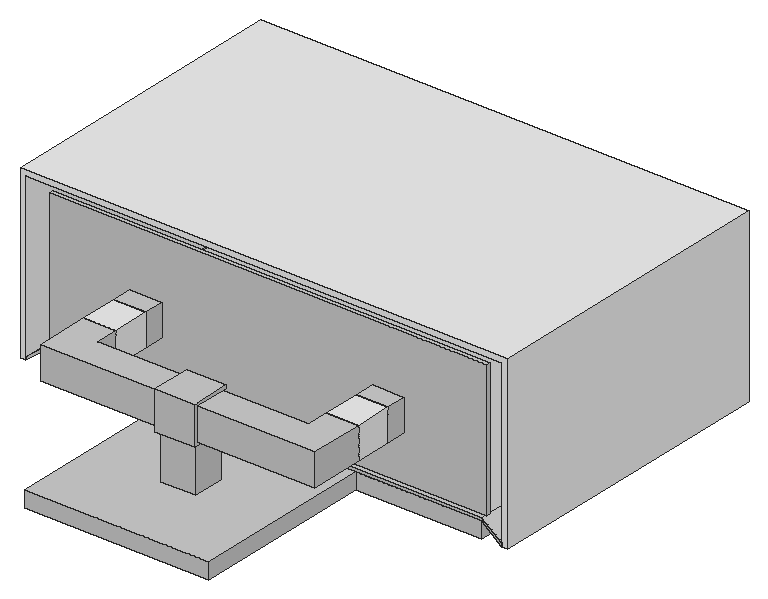
Revit family "2-5146-224 Chameleon", category Lighting Fixtures, Revit 2014
Parameters
  Wattage = 5.45974 W
  built-in parameter 1150110 = 1 (stored number, unit not read)
  URL = "http://www.oxygenlighting.com"
  Type Comments = "Lighting - Fluorescent"
  built-in parameter 1114217 = 1 (stored number, unit not read)
  Tilt Angle = 180.00°
  built-in parameter 1150109 = 1 (stored number, unit not read)
  built-in parameter 1150134 = (empty or 0)
  built-in parameter 1150113 = 1 (stored number, unit not read)
  Product Documentation Link = "http://oxygenlighting.com.s3.amazonaws.com/downloads/cutsheets/2-5146-xxx.pdf"
  Photometric Web File = "2-5146-224 Chameleon ITL77188.IES"
  Model = "2-5146-224"
  Metal Finish = Satin Nickel
  Manufacturer = "Oxygen Lighting"
  Lumens = 811 lm
  built-in parameter 1150115 = 1 (stored number, unit not read)
  built-in parameter 1150105 = 64.537 (stored number, unit not read)
  built-in parameter 1150137 = (empty or 0)
  built-in parameter 1150139 = (empty or 0)
  built-in parameter 1150112 = 1 (stored number, unit not read)
  built-in parameter 1150114 = 1 (stored number, unit not read)
  Lamp = "2X13W Twin Tube Compact Fluorescents"
  Lamp Manufacturer = "Sylvania"
  Junction Box = "4\" Octogonal"
  Input Voltage (Volts AC) = "120.0"
  Power Factor = "0.99"
  Input Power (Watts) = "28.80"
  Input Current (Amps AC) = ""
  built-in parameter 1150132 = 2
  built-in parameter 1150102 = (empty or 0)
  built-in parameter 1150138 = (empty or 0)
  built-in parameter 1150107 = 3000 (stored number, unit not read)
  built-in parameter 1150106 = 0.64537 (stored number, unit not read)
  Fixture Width = 0' - 11 7/16"
  Fixture Height = 0' - 10 15/16"
  Fixture Depth = 0' - 4.0025"
  Emit from Rectangle Width = 2' - 0"
  Emit from Rectangle Length = 4' - 0"
  Emit Shape Visible in Rendering = no
  Efficacy (lm/W) = ""
  built-in parameter 1150104 = 13.8 (stored number, unit not read)
  Description = "11\" Wall Sconce- 2x Twin tube compact fluorescent"
  Ballast Manufacuturer = "Fulham"
  Dimming Lamp Color Temperature Shift = (empty or 0)
  Default Elevation = 4' - 0"
  Color Filter = 16777215
  built-in parameter 1114218 = 1 (stored number, unit not read)
  built-in parameter 1150133 = 10 (stored number, unit not read)
  Apparent Load = 28.8 VA
  Acrylic = Acrylic Matte White
  ADA Compliant = yes
Reference planes (in)
  plane 1 "Light Source Axis (F/B)": y = 0
  plane 2: z = 0
  plane 3 "Light Source Axis (L/R)": x = 0
  plane 4 "Light Source Elevation": z = 4
  plane 5: x = -5.71875
  plane 6: x = 5.71875
  plane 7: y = 3.785
  plane 8: y = -1.68375
  plane 9: y = -7.1525
  plane 10: z = 4.0025
  plane 11: z = 2.2675
  plane 12: z = 1.5175
  plane 13: z = 2.3425
  plane 14: z = 0.38
  plane 15: x = -0.39465
  plane 16: x = 0.41581
  plane 17: x = 5.125
  plane 18: x = -5.125
  plane 19: y = 4.2225
Forms (in)
  Extrusion 1, solid, material "Satin Nickel" <- "Metal Finish"
    sketch origin (0, 0, 0) x (0, 1, 0) y (0, 0, 1)
      loop
        line (-5.37125, 1.4425) -> (-4.53625, 1.4425) -> (-4.53625, 1.5175) -> (-5.37125, 1.5175) -> (-5.37125, 2.2675) -> (-4.53625, 2.2675) -> (-4.53625, 2.3425) -> (-5.45625, 2.3425) -> (-5.45625, 1.4425) -> (-5.37125, 1.4425)
    from -0.46 to 0.46
  Extrusion 2, solid, material "Satin Nickel" <- "Metal Finish"
    sketch origin (0, 0, 0) x (0, 1, 0) y (0, 0, 1)
      loop
        line (-5.37125, 1.4425) -> (-5.37125, 0.38) -> (-4.62125, 0.38) -> (-4.62125, 1.4425) -> (-5.37125, 1.4425)
    from -0.39465 to 0.41581
  Extrusion 3, solid, material "Satin Nickel" <- "Metal Finish"
    sketch origin (0, 0, 0) x (1, 0, 0) y (0, 1, 0)
      loop
        line (-3.21875, -2.74625) -> (-3.21875, -3.215) -> (-2.46875, -3.215) -> (-2.46875, -2.74625) -> (-3.21875, -2.74625)
      loop
        line (2.46875, -2.74625) -> (2.46875, -3.215) -> (3.21875, -3.215) -> (3.21875, -2.74625) -> (2.46875, -2.74625)
      loop
        line (-3.21875, -4.09) -> (-3.21875, -5.37125) -> (3.21875, -5.37125) -> (3.21875, -4.09) -> (2.46875, -4.09) -> (2.46875, -4.62125) -> (-2.46875, -4.62125) -> (-2.46875, -4.09) -> (-3.21875, -4.09)
    from 1.5175 to 2.2675
  Extrusion 4, solid, material "Satin Nickel" <- "Metal Finish"
    sketch origin (0, 0, 0) x (1, 0, 0) y (0, 1, 0)
      loop
        line (-5.125, 3.785) -> (-5.125, -2.84) -> (-2.15625, -2.84) -> (-2.15625, -7.1525) -> (2.15625, -7.1525) -> (2.15625, -2.84) -> (5.125, -2.84) -> (5.125, 3.785) -> (-5.125, 3.785)
    from 0 to 0.38
  Extrusion 5, solid, material "Acrylic Matte White" <- "Acrylic"
    sketch origin (0, 0, 0) x (1, 0, 0) y (0, 1, 0)
      loop
        line (-3.21875, -3.215) -> (-3.21875, -4.09) -> (-2.46875, -4.09) -> (-2.46875, -3.215) -> (-3.21875, -3.215)
      loop
        line (2.46875, -3.215) -> (2.46875, -4.09) -> (3.21875, -4.09) -> (3.21875, -3.215) -> (2.46875, -3.215)
    from 1.5175 to 2.2675
  Extrusion 6, solid, material "Satin Nickel" <- "Metal Finish"
    sketch origin (0, 0, 0) x (1, 0, 0) y (0, 0, 1)
      loop
        line (5.59375, 0) -> (5.59375, 0.07627) -> (5.125, 0.4425) -> (-5.125, 0.4425) -> (-5.59375, 0.07627) -> (-5.59375, 0) -> (-5.125, 0.38) -> (5.125, 0.38) -> (5.59375, 0)
    from -3.785 to 2.84
  Extrusion 7, solid, material "Acrylic Matte White" <- "Acrylic"
    sketch origin (0, 0, 0) x (1, 0, 0) y (0, 0, 1)
      loop
        line (5.71875, 4.0025) -> (-5.71875, 4.0025) -> (-5.71875, 0) -> (-5.59375, 0) -> (-5.59375, 3.8775) -> (5.59375, 3.8775) -> (5.59375, 0) -> (5.71875, 0) -> (5.71875, 4.0025)
    from -4.2225 to 2.84
  Extrusion 8, solid, material "Satin Nickel" <- "Metal Finish"
    sketch origin (0, 0, 0) x (1, 0, 0) y (0, 0, 1)
      loop
        line (-5.125, 3.61675) -> (-5.125, 0.4425) -> (5.125, 0.4425) -> (5.125, 3.61675) -> (-5.125, 3.61675)
    from 2.61625 to 2.715
  Extrusion 9, solid, material "Satin Nickel" <- "Metal Finish", not visible
    sketch origin (0, 0, 0) x (0, 1, 0) y (0, 0, 1)
      loop
        line (-5.37125, 1.4425) -> (-4.53625, 1.4425) -> (-4.53625, 1.5175) -> (-5.37125, 1.5175) -> (-5.37125, 2.2675) -> (-4.53625, 2.2675) -> (-4.53625, 2.3425) -> (-5.45625, 2.3425) -> (-5.45625, 1.4425) -> (-5.37125, 1.4425)
    from -0.46 to 0.46
  Extrusion 10, solid, material "Satin Nickel" <- "Metal Finish", not visible
    sketch origin (0, 0, 0) x (0, 1, 0) y (0, 0, 1)
      loop
        line (-5.37125, 1.4425) -> (-5.37125, 0.38) -> (-4.62125, 0.38) -> (-4.62125, 1.4425) -> (-5.37125, 1.4425)
    from -0.39465 to 0.41581
  Extrusion 11, solid, material "Satin Nickel" <- "Metal Finish", not visible
    sketch origin (0, 0, 0) x (1, 0, 0) y (0, 1, 0)
      loop
        line (-3.21875, -2.74625) -> (-3.21875, -3.215) -> (-2.46875, -3.215) -> (-2.46875, -2.74625) -> (-3.21875, -2.74625)
      loop
        line (2.46875, -2.74625) -> (2.46875, -3.215) -> (3.21875, -3.215) -> (3.21875, -2.74625) -> (2.46875, -2.74625)
      loop
        line (-3.21875, -4.09) -> (-3.21875, -5.37125) -> (3.21875, -5.37125) -> (3.21875, -4.09) -> (2.46875, -4.09) -> (2.46875, -4.62125) -> (-2.46875, -4.62125) -> (-2.46875, -4.09) -> (-3.21875, -4.09)
    from 1.5175 to 2.2675
  Extrusion 12, solid, material "Satin Nickel" <- "Metal Finish", not visible
    sketch origin (0, 0, 0) x (1, 0, 0) y (0, 1, 0)
      loop
        line (-5.125, 3.785) -> (-5.125, -2.84) -> (-2.15625, -2.84) -> (-2.15625, -7.1525) -> (2.15625, -7.1525) -> (2.15625, -2.84) -> (5.125, -2.84) -> (5.125, 3.785) -> (-5.125, 3.785)
    from 0 to 0.38
  Extrusion 13, solid, material "Acrylic Matte White" <- "Acrylic", not visible
    sketch origin (0, 0, 0) x (1, 0, 0) y (0, 1, 0)
      loop
        line (-3.21875, -3.215) -> (-3.21875, -4.09) -> (-2.46875, -4.09) -> (-2.46875, -3.215) -> (-3.21875, -3.215)
      loop
        line (2.46875, -3.215) -> (2.46875, -4.09) -> (3.21875, -4.09) -> (3.21875, -3.215) -> (2.46875, -3.215)
    from 1.5175 to 2.2675
  Extrusion 14, solid, material "Satin Nickel" <- "Metal Finish", not visible
    sketch origin (0, 0, 0) x (1, 0, 0) y (0, 0, 1)
      loop
        line (5.59375, 0) -> (5.59375, 0.07627) -> (5.125, 0.4425) -> (-5.125, 0.4425) -> (-5.59375, 0.07627) -> (-5.59375, 0) -> (-5.125, 0.38) -> (5.125, 0.38) -> (5.59375, 0)
    from -3.785 to 2.84
  Extrusion 15, solid, material "Acrylic Matte White" <- "Acrylic", not visible
    sketch origin (0, 0, 0) x (1, 0, 0) y (0, 0, 1)
      loop
        line (5.71875, 4.0025) -> (-5.71875, 4.0025) -> (-5.71875, 0) -> (-5.59375, 0) -> (-5.59375, 3.8775) -> (5.59375, 3.8775) -> (5.59375, 0) -> (5.71875, 0) -> (5.71875, 4.0025)
    from -4.2225 to 2.84
  Extrusion 16, solid, material "Satin Nickel" <- "Metal Finish", not visible
    sketch origin (0, 0, 0) x (1, 0, 0) y (0, 0, 1)
      loop
        line (-5.125, 3.61675) -> (-5.125, 0.4425) -> (5.125, 0.4425) -> (5.125, 3.61675) -> (-5.125, 3.61675)
    from 2.61625 to 2.715
Dimensions and locks (in)
  equal spacing: plane 7, plane 8, plane 9, locked at 5.46875 each
  "Fixture Height": plane 7 to plane 9
  equal spacing: plane 5, plane 3 "Light Source Axis (L/R)", plane 6, locked at 5.71875 each
  "Fixture Width": plane 5 to plane 6
  "Fixture Depth": plane 10 to level
  plane 15 to plane 16 = 0' - 0.81046"
  aligned and locked: plane 4 "Light Source Elevation" to imposter light
  aligned and locked: level to plane 2
  aligned and locked: Extrusion 2 to plane 16
  aligned and locked: Extrusion 5 sketch curve to Extrusion 3  (x8)
  aligned and locked: Extrusion 8 sketch curve to Extrusion 6  (x2)
  aligned and locked: Extrusion 13 sketch curve to Extrusion 11  (x8)
  aligned and locked: Extrusion 16 sketch curve to Extrusion 14  (x2)
Automatic sketch dimensions
  Extrusion 1 sketch curve to Extrusion 1 sketch curve = 0' - 0.085"
  Extrusion 1 sketch curve to Extrusion 1 sketch curve = 0' - 0.835"
  Extrusion 1 sketch curve to Extrusion 1 sketch curve = 0' - 0"  (x2)
  Extrusion 2 sketch curve to Extrusion 2 sketch curve = 0' - 0 3/4"
  Extrusion 6 sketch curve to Extrusion 6 sketch curve = 0' - 0 1/16"
  Extrusion 6 sketch curve to Extrusion 6 sketch curve = 0' - 0.07627"  (x2)
  Extrusion 3 sketch curve to Extrusion 3 sketch curve = 0' - 0 3/4"  (x5)
  Extrusion 3 sketch curve to Extrusion 3 sketch curve = 0' - 0"  (x2)
  Extrusion 3 sketch curve to Extrusion 3 sketch curve = 0' - 0 17/32"  (x2)
  Extrusion 3 sketch curve to Extrusion 3 sketch curve = 0' - 0 7/8"  (x2)
  Extrusion 3 sketch curve to Extrusion 3 sketch curve = 0' - 0 15/32"  (x2)
  Extrusion 1 sketch curve to Extrusion 1 sketch curve = 0' - 0.075"  (x2)
  Extrusion 1 sketch curve to Extrusion 1 sketch curve = 0' - 0 3/4"
  Extrusion 2 sketch curve to Extrusion 2 sketch curve = 0' - 1 1/16"
  Extrusion 3 sketch curve to Extrusion 3 sketch curve = 0' - 4 15/16"
  Extrusion 4 sketch curve to Extrusion 4 sketch curve = 0' - 2 31/32"  (x2)
  Extrusion 4 sketch curve to Extrusion 4 sketch curve = 0' - 4 5/16"  (x3)
  Extrusion 4 sketch curve to Extrusion 4 sketch curve = 0' - 6 5/8"
  Extrusion 6 sketch curve to Extrusion 6 sketch curve = 0' - 0 15/32"  (x2)
  Extrusion 6 sketch curve to Extrusion 6 sketch curve = 0' - 0"  (x3)
  Extrusion 6 sketch curve to Extrusion 6 sketch curve = 0' - 10 1/4"
  Extrusion 6 sketch curve to Extrusion 6 sketch curve = 0' - 0.30373"
  Extrusion 7 sketch curve to Extrusion 7 sketch curve = 0' - 0 1/8"  (x3)
  Extrusion 7 sketch curve to Extrusion 7 sketch curve = 0' - 11 3/16"
  Extrusion 7 sketch curve to Extrusion 7 sketch curve = 0' - 0"
  Extrusion 7 sketch curve to Extrusion 7 sketch curve = 0' - 3.8775"
  Extrusion 8 sketch curve to Extrusion 8 sketch curve = 0' - 10 1/4"
  Extrusion 8 sketch curve to Extrusion 8 sketch curve = 0' - 3.17425"
  Extrusion 9 sketch curve to Extrusion 9 sketch curve = 0' - 0.085"
  Extrusion 9 sketch curve to Extrusion 9 sketch curve = 0' - 0.835"
  Extrusion 9 sketch curve to Extrusion 9 sketch curve = 0' - 0"  (x2)
  Extrusion 10 sketch curve to Extrusion 10 sketch curve = 0' - 0 3/4"
  Extrusion 14 sketch curve to Extrusion 14 sketch curve = 0' - 0 1/16"
  Extrusion 14 sketch curve to Extrusion 14 sketch curve = 0' - 0.07627"  (x2)
  Extrusion 11 sketch curve to Extrusion 11 sketch curve = 0' - 0 3/4"  (x5)
  Extrusion 11 sketch curve to Extrusion 11 sketch curve = 0' - 0"  (x2)
  Extrusion 11 sketch curve to Extrusion 11 sketch curve = 0' - 0 17/32"  (x2)
  Extrusion 11 sketch curve to Extrusion 11 sketch curve = 0' - 0 7/8"  (x2)
  Extrusion 11 sketch curve to Extrusion 11 sketch curve = 0' - 0 15/32"  (x2)
  Extrusion 9 sketch curve to Extrusion 9 sketch curve = 0' - 0.075"  (x2)
  Extrusion 9 sketch curve to Extrusion 9 sketch curve = 0' - 0 3/4"
  Extrusion 10 sketch curve to Extrusion 10 sketch curve = 0' - 1 1/16"
  Extrusion 11 sketch curve to Extrusion 11 sketch curve = 0' - 4 15/16"
  Extrusion 12 sketch curve to Extrusion 12 sketch curve = 0' - 2 31/32"  (x2)
  Extrusion 12 sketch curve to Extrusion 12 sketch curve = 0' - 4 5/16"  (x3)
  Extrusion 12 sketch curve to Extrusion 12 sketch curve = 0' - 6 5/8"
  Extrusion 14 sketch curve to Extrusion 14 sketch curve = 0' - 0 15/32"  (x2)
  Extrusion 14 sketch curve to Extrusion 14 sketch curve = 0' - 0"  (x3)
  Extrusion 14 sketch curve to Extrusion 14 sketch curve = 0' - 10 1/4"
  Extrusion 14 sketch curve to Extrusion 14 sketch curve = 0' - 0.30373"
  Extrusion 15 sketch curve to Extrusion 15 sketch curve = 0' - 0 1/8"  (x3)
  Extrusion 15 sketch curve to Extrusion 15 sketch curve = 0' - 11 3/16"
  Extrusion 15 sketch curve to Extrusion 15 sketch curve = 0' - 0"
  Extrusion 15 sketch curve to Extrusion 15 sketch curve = 0' - 3.8775"
  Extrusion 16 sketch curve to Extrusion 16 sketch curve = 0' - 10 1/4"
  Extrusion 16 sketch curve to Extrusion 16 sketch curve = 0' - 3.17425"
